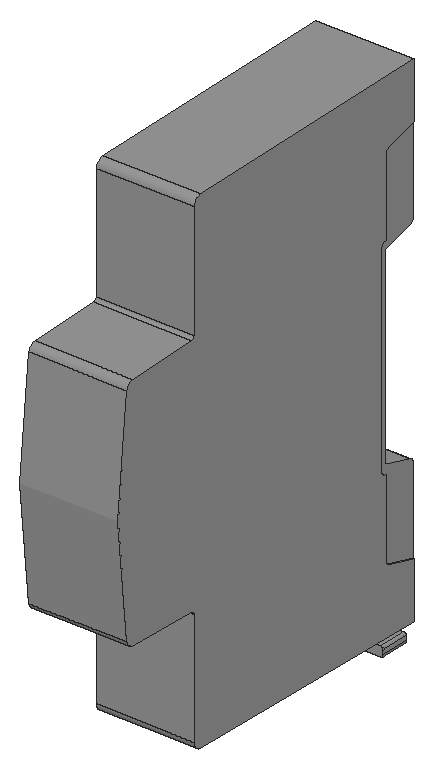
Revit family "BC_COMATEC_Alimentation-régulée-8500-2_LOD200", category Installations électriques, Revit 2017
Family settings
  Conserver l'orientation des annotations = Non
  Cote de connecteur circulaire = Utiliser le diamètre
  Type d'élément = Normal
  Numéro OmniClass = 23.80.00.00
  Titre OmniClass = Electric Power and Lighting
  Basée sur le plan de construction = Non
  Toujours verticalement = Oui
  Couper avec des vides une fois chargée = Non
  Partagée = Non
  Point de calcul de pièce = Non
Parameters (values of type "Alimentation régulée 8500/2")
  Valeur Haute de la Plage de Tempérarure = 50 °C
  Valeur Basse de la Plage de Température = -10 °C
  Type de protection = "Surcharge d'entrée. Surcharge de sortie. Surtension de sortie. Court-circuits. Surtempérature"
  Type de Charge = "Générique"
  Type d'Alimentation = "à découpage type Flyback"
  Tension nominale de sortie = 12 V
  Tension de sortie maximum  = "SELV"
  Tension AC max = 240 V
  Tension AC Min = 100 V
  Temps d'installation = 0.05 h
  Signalement LED  = yes
  Sensibilité électromagnétique - EN55024 = "conforme"
  Rendement = 0.8
  Refroidissement = "Statique"
  Puissance de sortie  = 12 W
  Profondeur Hors Tout = 93 mm
  Plage d'Humidité de Fonctionnement = "0 à 90 %"
  Ondulation max de sortie = 90
  Norme de Sécurité = "EN62368"
  Nombre de modules = 1
  Modèle = "Alimentation régulée 8500/2"
  Marque de Certification = "CE"
  Largeur Hors Tout = 17.5 mm
  Hauteur Hors Tout = 66 mm
  Fréquence minimale d'entrée  = 47 Hz
  Fréquence maximale d'entrée = 63 Hz
  Fabricant = "COMATEC"
  Emissions électromagnétiques - EN55032/B  = "conforme"
  Durée de Vie = 100000.0 h
  Directives RoHS - Dir. 2009/125/ECDir. 2011/65/EU Dir. 2015/863 EN50581 = "conforme"
  Directives ErP - Dir. 2011/65/EU Dir. 2015/863 EN50581 = "conforme"
  Description = "Alimentation éléctrique"
  Cycle d'utilisation = "Permanent"
  Courant à vide en entrée = 0.005
  Courant nominal en sortie = 1 A
  Courant d'absorption max en entrée = 0.28 A
  Courant d'Appel = 3 A
  Correction du facteur de puissance = no
  Consommation = 0.3 W
  Compatibilité électromagnétique - EN61000-3-2(3) = "conforme"
  Commentaires du type = "Rail-Din pour tableaux domotique"
  Code Produit = "8500/2RC"
  Classe d'isolation électrique = "Classe II"
  Altitude de Fonctionnement = 2000000 mm
Reference planes
  plane 1 "Centre (avant/arrière)": y = 0
  plane 2: z = 0
  plane 3 "Centre (gauche/droite)": x = 0
Forms (mm)
  Extrusion 1, solid, material "Plastique ABS"
    sketch origin (0, 0, 46.5) x (0, -1, 0) y (0, 0, -1)
      loop
        line (49.026, 92.144) -> (0, 93) -> (0, 82.5) -> (5.757, 80.957)
        arc (5.757, 80.957) -> (6.292, 80.6) -> (6.499, 79.991) r 1
        line (6.499, 79.991) -> (6.499, 65.86)
        arc (6.499, 65.86) -> (7.206, 65.561) -> (7.499, 64.851) r 1.009
        line (7.499, 64.851) -> (7.499, 28.149)
        arc (7.499, 28.149) -> (7.206, 27.439) -> (6.499, 27.14) r 1.009
        line (6.499, 27.14) -> (6.499, 13.009)
        arc (6.499, 13.009) -> (6.292, 12.4) -> (5.757, 12.043) r 1
        line (5.757, 12.043) -> (0, 10.5) -> (0, 0) -> (49.026, 0.856)
        arc (49.026, 0.856) -> (50.07, 1.304) -> (50.5, 2.356) r 1.5
        line (50.5, 2.356) -> (50.5, 23.487)
        arc (50.5, 23.487) -> (50.668, 23.904) -> (51.079, 24.087) r 0.6
        line (51.079, 24.087) -> (64.608, 24.559)
        arc (64.608, 24.559) -> (65.52, 24.91) -> (66.023, 25.747) r 1.5
        arc (66.023, 25.747) -> (68.2, 46.5) -> (66.023, 67.253) r 100
        arc (66.023, 67.253) -> (65.52, 68.09) -> (64.608, 68.441) r 1.5
        line (64.608, 68.441) -> (51.079, 68.913)
        arc (51.079, 68.913) -> (50.668, 69.096) -> (50.5, 69.513) r 0.6
        line (50.5, 69.513) -> (50.5, 90.644)
        arc (50.5, 90.644) -> (50.07, 91.696) -> (49.026, 92.144) r 1.5
    from -9 to 9
  Extrusion 2, solid, material "Aluminium"
    sketch origin (0, 0, 46.5) x (0, -1, 0) y (0, 0, -1)
      loop
        arc (6.055, 64.333) -> (6.376, 64.119) -> (6.5, 63.754) r 0.6
        line (6.5, 63.754) -> (6.5, 29.246)
        arc (6.5, 29.246) -> (6.376, 28.881) -> (6.055, 28.666) r 0.6
        line (6.055, 28.666) -> (0.741, 27.243)
        arc (0.741, 27.243) -> (0.207, 26.885) -> (0, 26.277) r 1
        line (0, 26.277) -> (0, 10.5) -> (5.757, 12.043)
        arc (5.757, 12.043) -> (6.292, 12.4) -> (6.499, 13.009) r 1
        line (6.499, 13.009) -> (6.499, 27.14)
        arc (6.499, 27.14) -> (7.206, 27.439) -> (7.499, 28.149) r 1.009
        line (7.499, 28.149) -> (7.499, 64.851)
        arc (7.499, 64.851) -> (7.206, 65.561) -> (6.499, 65.86) r 1.009
        line (6.499, 65.86) -> (6.499, 79.991)
        arc (6.499, 79.991) -> (6.292, 80.6) -> (5.757, 80.957) r 1
        line (5.757, 80.957) -> (0, 82.5) -> (0, 66.723)
        arc (0, 66.723) -> (0.207, 66.114) -> (0.741, 65.757) r 1
        line (0.741, 65.757) -> (6.055, 64.333)
    from -8.8 to 8.8
  Extrusion 3, solid, material "Plastique ABS"
    sketch origin (0, 0, 46.5) x (1, 0, 0) y (0, 0, -1)
      loop
        arc (-7.12, 97.082) -> (-7.473, 96.936) -> (-7.62, 96.582) r 0.5
        line (-7.62, 96.582) -> (-7.62, 95.749)
        arc (-7.62, 95.749) -> (-7.475, 95.391) -> (-7.12, 95.243) r 0.5
        line (-7.12, 95.243) -> (-6.32, 95.243)
        arc (-6.32, 95.243) -> (-5.966, 95.096) -> (-5.82, 94.743) r 0.5
        line (-5.82, 94.743) -> (-5.82, 92.894) -> (-4.155, 92.894) -> (-4.155, 94.943)
        arc (-4.155, 94.943) -> (-4.009, 95.296) -> (-3.655, 95.443) r 0.5
        line (-3.655, 95.443) -> (3.655, 95.443)
        arc (3.655, 95.443) -> (4.009, 95.296) -> (4.155, 94.943) r 0.5
        line (4.155, 94.943) -> (4.155, 92.894) -> (5.82, 92.894) -> (5.82, 94.743)
        arc (5.82, 94.743) -> (5.966, 95.096) -> (6.32, 95.243) r 0.5
        line (6.32, 95.243) -> (7.12, 95.243)
        arc (7.12, 95.243) -> (7.475, 95.391) -> (7.62, 95.749) r 0.5
        line (7.62, 95.749) -> (7.62, 96.582)
        arc (7.62, 96.582) -> (7.473, 96.936) -> (7.12, 97.082) r 0.5
        line (7.12, 97.082) -> (-7.12, 97.082)
    from 0 to -5.303
  Extrusion 4, solid, not visible
    sketch origin (0, -49.028, -45.644) x (0, 0.999848, -0.017452) y (1, 0, 0)
      loop
        circle (11.218, -1.816) r 1
      loop
        circle (11.195, 3.184) r 1
    from 0 to -1
  Extrusion 5, solid, not visible
    sketch origin (0, -49.028, 45.644) x (0, 0.999848, 0.017452) y (-1, 0, 0)
      loop
        circle (12.829, 1.816) r 1
      loop
        circle (12.829, -3.184) r 1
    from 0 to -1
Lines and regions (mm)
  model lines
    curve 1: line (-5.509, -50.5, 25.74) -> (5.491, -50.5, 25.74)
    curve 2: arc (-5.509, -50.5, 25.74) -> (-6.216, -50.5, 26.033) -> (-6.509, -50.5, 26.74) r 1
    curve 3: line (-6.509, -50.5, 30.24) -> (-6.509, -50.5, 26.74)
    curve 4: arc (-6.509, -50.5, 30.24) -> (-6.216, -50.5, 30.947) -> (-5.509, -50.5, 31.24) r 1
    curve 5: line (5.491, -50.5, 31.24) -> (-5.509, -50.5, 31.24)
    curve 6: arc (5.491, -50.5, 31.24) -> (6.198, -50.5, 30.947) -> (6.491, -50.5, 30.24) r 1
    curve 7: line (6.491, -50.5, 26.74) -> (6.491, -50.5, 30.24)
    curve 8: arc (6.491, -50.5, 26.74) -> (6.198, -50.5, 26.033) -> (5.491, -50.5, 25.74) r 1
    curve 9: line (-5.509, -50.5, -31.26) -> (5.491, -50.5, -31.26)
    curve 10: arc (6.491, -50.5, -30.26) -> (6.198, -50.5, -30.967) -> (5.491, -50.5, -31.26) r 1
    curve 11: arc (-5.509, -50.5, -31.26) -> (-6.216, -50.5, -30.967) -> (-6.509, -50.5, -30.26) r 1
    curve 12: line (-6.509, -50.5, -26.76) -> (-6.509, -50.5, -30.26)
    curve 13: arc (-6.509, -50.5, -26.76) -> (-6.216, -50.5, -26.053) -> (-5.509, -50.5, -25.76) r 1
    curve 14: line (6.491, -50.5, -30.26) -> (6.491, -50.5, -26.76)
    curve 15: arc (5.491, -50.5, -25.76) -> (6.198, -50.5, -26.053) -> (6.491, -50.5, -26.76) r 1
    curve 16: line (5.491, -50.5, -25.76) -> (-5.509, -50.5, -25.76)
    curve 17: line (-5.8, -39.888, 45.804) -> (5.8, -39.888, 45.804)
    curve 18: spline (5.8, -39.888, 45.804) -> (5.891, -39.882, 45.804) -> (5.981, -39.864, 45.804) -> (6.068, -39.835, 45.805) -> (6.15, -39.794, 45.805) -> (6.226, -39.743, 45.806) -> (6.295, -39.683, 45.807) -> (6.355, -39.614, 45.809) -> (6.406, -39.538, 45.81) -> (6.447, -39.456, 45.811) -> (6.476, -39.369, 45.813) -> (6.494, -39.279, 45.814) -> (6.5, -39.188, 45.816)
    curve 19: line (6.5, -39.188, 45.816) -> (6.5, -34.19, 45.903)
    curve 20: spline (6.5, -34.19, 45.903) -> (6.494, -34.098, 45.905) -> (6.476, -34.008, 45.906) -> (6.447, -33.922, 45.908) -> (6.406, -33.84, 45.909) -> (6.355, -33.764, 45.911) -> (6.295, -33.695, 45.912) -> (6.226, -33.634, 45.913) -> (6.15, -33.584, 45.914) -> (6.068, -33.543, 45.915) -> (5.981, -33.514, 45.915) -> (5.891, -33.496, 45.915) -> (5.8, -33.49, 45.915)
    curve 21: line (5.8, -33.49, 45.915) -> (-5.8, -33.49, 45.915)
    curve 22: spline (-5.8, -33.49, 45.915) -> (-5.891, -33.496, 45.915) -> (-5.981, -33.514, 45.915) -> (-6.068, -33.543, 45.915) -> (-6.15, -33.584, 45.914) -> (-6.226, -33.634, 45.913) -> (-6.295, -33.695, 45.912) -> (-6.355, -33.764, 45.911) -> (-6.406, -33.84, 45.909) -> (-6.447, -33.922, 45.908) -> (-6.476, -34.008, 45.906) -> (-6.494, -34.098, 45.905) -> (-6.5, -34.19, 45.903)
    curve 23: line (-6.5, -34.19, 45.903) -> (-6.5, -39.188, 45.816)
    curve 24: spline (-6.5, -39.188, 45.816) -> (-6.494, -39.279, 45.814) -> (-6.476, -39.369, 45.813) -> (-6.447, -39.456, 45.811) -> (-6.406, -39.538, 45.81) -> (-6.355, -39.614, 45.809) -> (-6.295, -39.683, 45.807) -> (-6.226, -39.743, 45.806) -> (-6.15, -39.794, 45.805) -> (-6.068, -39.835, 45.805) -> (-5.981, -39.864, 45.804) -> (-5.891, -39.882, 45.804) -> (-5.8, -39.888, 45.804)
    curve 25: spline (5.5, -39.388, 45.812) -> (5.565, -39.384, 45.813) -> (5.629, -39.371, 45.813) -> (5.691, -39.35, 45.813) -> (5.75, -39.321, 45.814) -> (5.804, -39.285, 45.814) -> (5.854, -39.242, 45.815) -> (5.897, -39.192, 45.816) -> (5.933, -39.138, 45.817) -> (5.962, -39.079, 45.818) -> (5.983, -39.018, 45.819) -> (5.996, -38.953, 45.82) -> (6, -38.888, 45.821)
    curve 26: line (-5.5, -39.388, 45.812) -> (5.5, -39.388, 45.812)
    curve 27: line (6, -38.888, 45.821) -> (6, -34.489, 45.898)
    curve 28: spline (5.5, -33.99, 45.907) -> (5.565, -33.994, 45.907) -> (5.629, -34.007, 45.906) -> (5.691, -34.028, 45.906) -> (5.75, -34.057, 45.906) -> (5.804, -34.093, 45.905) -> (5.854, -34.136, 45.904) -> (5.897, -34.185, 45.903) -> (5.933, -34.24, 45.902) -> (5.962, -34.298, 45.901) -> (5.983, -34.36, 45.9) -> (5.996, -34.424, 45.899) -> (6, -34.489, 45.898)
    curve 29: line (-5.5, -33.99, 45.907) -> (5.5, -33.99, 45.907)
    curve 30: spline (-5.5, -39.388, 45.812) -> (-5.565, -39.384, 45.813) -> (-5.629, -39.371, 45.813) -> (-5.691, -39.35, 45.813) -> (-5.75, -39.321, 45.814) -> (-5.804, -39.285, 45.814) -> (-5.854, -39.242, 45.815) -> (-5.897, -39.192, 45.816) -> (-5.933, -39.138, 45.817) -> (-5.962, -39.079, 45.818) -> (-5.983, -39.018, 45.819) -> (-5.996, -38.953, 45.82) -> (-6, -38.888, 45.821)
    curve 31: line (-6, -34.489, 45.898) -> (-6, -38.888, 45.821)
    curve 32: spline (-5.5, -33.99, 45.907) -> (-5.565, -33.994, 45.907) -> (-5.629, -34.007, 45.906) -> (-5.691, -34.028, 45.906) -> (-5.75, -34.057, 45.906) -> (-5.804, -34.093, 45.905) -> (-5.854, -34.136, 45.904) -> (-5.897, -34.185, 45.903) -> (-5.933, -34.24, 45.902) -> (-5.962, -34.298, 45.901) -> (-5.983, -34.36, 45.9) -> (-5.996, -34.424, 45.899) -> (-6, -34.489, 45.898)
    curve 33: line (-3.166, -37.85, 45.839) -> (-3.166, -34.551, 45.897)
    curve 34: line (-3.166, -37.85, 45.839) -> (-0.466, -37.85, 45.839)
    curve 35: line (-0.466, -34.551, 45.897) -> (-0.466, -37.85, 45.839)
    curve 36: line (-3.166, -34.551, 45.897) -> (-0.466, -34.551, 45.897)
    curve 37: line (1.834, -37.85, 45.839) -> (1.834, -34.551, 45.897)
    curve 38: line (1.834, -37.85, 45.839) -> (4.534, -37.85, 45.839)
    curve 39: line (4.534, -34.551, 45.897) -> (4.534, -37.85, 45.839)
    curve 40: line (1.834, -34.551, 45.897) -> (4.534, -34.551, 45.897)
    curve 41: spline (-6.5, -40.811, -45.788) -> (-6.494, -40.902, -45.786) -> (-6.476, -40.992, -45.784) -> (-6.447, -41.079, -45.783) -> (-6.406, -41.161, -45.782) -> (-6.355, -41.237, -45.78) -> (-6.295, -41.306, -45.779) -> (-6.226, -41.366, -45.778) -> (-6.15, -41.417, -45.777) -> (-6.068, -41.457, -45.776) -> (-5.981, -41.487, -45.776) -> (-5.891, -41.505, -45.776) -> (-5.8, -41.511, -45.775)
    curve 42: line (-6.5, -35.812, -45.875) -> (-6.5, -40.811, -45.788)
    curve 43: spline (-5.8, -35.113, -45.887) -> (-5.891, -35.119, -45.887) -> (-5.981, -35.136, -45.887) -> (-6.068, -35.166, -45.886) -> (-6.15, -35.206, -45.885) -> (-6.226, -35.257, -45.885) -> (-6.295, -35.318, -45.884) -> (-6.355, -35.386, -45.882) -> (-6.406, -35.463, -45.881) -> (-6.447, -35.545, -45.88) -> (-6.476, -35.631, -45.878) -> (-6.494, -35.721, -45.876) -> (-6.5, -35.812, -45.875)
    curve 44: line (5.8, -35.113, -45.887) -> (-5.8, -35.113, -45.887)
    curve 45: spline (6.5, -35.812, -45.875) -> (6.494, -35.721, -45.876) -> (6.476, -35.631, -45.878) -> (6.447, -35.545, -45.88) -> (6.406, -35.463, -45.881) -> (6.355, -35.386, -45.882) -> (6.295, -35.318, -45.884) -> (6.226, -35.257, -45.885) -> (6.15, -35.206, -45.885) -> (6.068, -35.166, -45.886) -> (5.981, -35.136, -45.887) -> (5.891, -35.119, -45.887) -> (5.8, -35.113, -45.887)
    curve 46: line (6.5, -40.811, -45.788) -> (6.5, -35.812, -45.875)
    curve 47: spline (5.8, -41.511, -45.775) -> (5.891, -41.505, -45.776) -> (5.981, -41.487, -45.776) -> (6.068, -41.457, -45.776) -> (6.15, -41.417, -45.777) -> (6.226, -41.366, -45.778) -> (6.295, -41.306, -45.779) -> (6.355, -41.237, -45.78) -> (6.406, -41.161, -45.782) -> (6.447, -41.079, -45.783) -> (6.476, -40.992, -45.784) -> (6.494, -40.902, -45.786) -> (6.5, -40.811, -45.788)
    curve 48: line (-5.8, -41.511, -45.775) -> (5.8, -41.511, -45.775)
    curve 49: spline (-5.5, -41.011, -45.784) -> (-5.565, -41.007, -45.784) -> (-5.629, -40.994, -45.784) -> (-5.691, -40.973, -45.785) -> (-5.75, -40.944, -45.785) -> (-5.804, -40.908, -45.786) -> (-5.854, -40.864, -45.787) -> (-5.897, -40.815, -45.788) -> (-5.933, -40.761, -45.789) -> (-5.962, -40.702, -45.79) -> (-5.983, -40.64, -45.791) -> (-5.996, -40.576, -45.792) -> (-6, -40.511, -45.793)
    curve 50: line (-6, -36.112, -45.87) -> (-6, -40.511, -45.793)
    curve 51: spline (-5.5, -35.612, -45.878) -> (-5.565, -35.617, -45.878) -> (-5.629, -35.63, -45.878) -> (-5.691, -35.651, -45.878) -> (-5.75, -35.679, -45.877) -> (-5.804, -35.716, -45.877) -> (-5.854, -35.759, -45.876) -> (-5.897, -35.808, -45.875) -> (-5.933, -35.862, -45.874) -> (-5.962, -35.921, -45.873) -> (-5.983, -35.983, -45.872) -> (-5.996, -36.047, -45.871) -> (-6, -36.112, -45.87)
    curve 52: line (-5.5, -35.612, -45.878) -> (5.5, -35.612, -45.878)
    curve 53: spline (5.5, -35.612, -45.878) -> (5.565, -35.617, -45.878) -> (5.629, -35.63, -45.878) -> (5.691, -35.651, -45.878) -> (5.75, -35.679, -45.877) -> (5.804, -35.716, -45.877) -> (5.854, -35.759, -45.876) -> (5.897, -35.808, -45.875) -> (5.933, -35.862, -45.874) -> (5.962, -35.921, -45.873) -> (5.983, -35.983, -45.872) -> (5.996, -36.047, -45.871) -> (6, -36.112, -45.87)
    curve 54: line (6, -40.511, -45.793) -> (6, -36.112, -45.87)
    curve 55: spline (5.5, -41.011, -45.784) -> (5.565, -41.007, -45.784) -> (5.629, -40.994, -45.784) -> (5.691, -40.973, -45.785) -> (5.75, -40.944, -45.785) -> (5.804, -40.908, -45.786) -> (5.854, -40.864, -45.787) -> (5.897, -40.815, -45.788) -> (5.933, -40.761, -45.789) -> (5.962, -40.702, -45.79) -> (5.983, -40.64, -45.791) -> (5.996, -40.576, -45.792) -> (6, -40.511, -45.793)
    curve 56: line (-5.5, -41.011, -45.784) -> (5.5, -41.011, -45.784)
    curve 57: line (-3.166, -39.472, -45.811) -> (-0.466, -39.472, -45.811)
    curve 58: line (-3.166, -39.472, -45.811) -> (-3.166, -36.173, -45.869)
    curve 59: line (-3.166, -36.173, -45.869) -> (-0.466, -36.173, -45.869)
    curve 60: line (-0.466, -36.173, -45.869) -> (-0.466, -39.472, -45.811)
    curve 61: line (1.834, -39.472, -45.811) -> (1.834, -36.173, -45.869)
    curve 62: line (1.834, -39.472, -45.811) -> (4.534, -39.472, -45.811)
    curve 63: line (4.534, -36.173, -45.869) -> (4.534, -39.472, -45.811)
    curve 64: line (1.834, -36.173, -45.869) -> (4.534, -36.173, -45.869)
    curve 65: line (-3.364, -50.5, 30.264) -> (-3.364, -50.5, 26.711)
    curve 66: line (-5.141, -50.5, 28.487) -> (-1.588, -50.5, 28.487)
    curve 67: line (1.474, -50.5, 28.487) -> (5.027, -50.5, 28.487)
    curve 68: line (-3.636, -50.5, -26.744) -> (-3.636, -50.5, -29.872)
    curve 69: line (-1.367, -50.5, -29.872) -> (-3.636, -50.5, -29.872)
    curve 70: line (1.598, -50.5, -30.197) -> (1.598, -50.5, -26.697)
    curve 71: line (4.524, -50.5, -26.707) -> (4.524, -50.5, -30.197)
    curve 72: line (1.598, -50.5, -26.697) -> (4.524, -50.5, -30.197)
    curve 73: arc (-3.5, -50.5, 41.705) -> (-6.5, -50.5, 38.705) -> (-3.5, -50.5, 35.705) r 3
    curve 74: arc (3.5, -50.5, 35.705) -> (6.5, -50.5, 38.705) -> (3.5, -50.5, 41.705) r 3
    curve 75: line (-3.5, -50.5, 35.705) -> (3.5, -50.5, 35.705)
    curve 76: line (-3.5, -50.5, 41.705) -> (3.5, -50.5, 41.705)
    curve 77: circle (-1.816, -50.5, 38.705) r 1.95 normal (0, 1, 0)
    curve 78: arc (-3.5, -50.5, 41.205) -> (-6, -50.5, 38.705) -> (-3.5, -50.5, 36.205) r 2.5
    curve 79: arc (-2.3, -50.5, 41.205) -> (-4.8, -50.5, 38.705) -> (-2.3, -50.5, 36.205) r 2.5
    curve 80: arc (3.5, -50.5, 36.205) -> (6, -50.5, 38.705) -> (3.5, -50.5, 41.205) r 2.5
    curve 81: line (3.5, -50.5, 36.205) -> (-3.5, -50.5, 36.205)
    curve 82: line (3.5, -50.5, 41.205) -> (-3.5, -50.5, 41.205)
    curve 83: arc (-3.5, -50.5, -41.705) -> (-6.5, -50.5, -38.705) -> (-3.5, -50.5, -35.705) r 3
    curve 84: arc (3.5, -50.5, -35.705) -> (6.5, -50.5, -38.705) -> (3.5, -50.5, -41.705) r 3
    curve 85: line (-3.5, -50.5, -35.705) -> (3.5, -50.5, -35.705)
    curve 86: line (-3.5, -50.5, -41.705) -> (3.5, -50.5, -41.705)
    curve 87: arc (-3.5, -50.5, -41.205) -> (-6, -50.5, -38.705) -> (-3.5, -50.5, -36.205) r 2.5
    curve 88: arc (-2.3, -50.5, -41.205) -> (-4.8, -50.5, -38.705) -> (-2.3, -50.5, -36.205) r 2.5
    curve 89: arc (3.5, -50.5, -36.205) -> (6, -50.5, -38.705) -> (3.5, -50.5, -41.205) r 2.5
    curve 90: line (3.5, -50.5, -36.205) -> (-3.5, -50.5, -36.205)
    curve 91: line (3.5, -50.5, -41.205) -> (-3.5, -50.5, -41.205)
    curve 92: line (-2.424, -50.5, 36.852) -> (-1.669, -50.5, 38.158)
    curve 93: line (-1.208, -50.5, 40.558) -> (-1.962, -50.5, 39.251)
    curve 94: line (-3.669, -50.5, 39.313) -> (-2.362, -50.5, 38.558)
    curve 95: line (0.037, -50.5, 38.097) -> (-1.269, -50.5, 38.851)
    curve 96: line (-2.362, -50.5, 38.558) -> (-3.117, -50.5, 37.252)
    curve 97: line (-1.269, -50.5, 38.851) -> (-0.515, -50.5, 40.158)
    curve 98: line (-1.669, -50.5, 38.158) -> (-0.363, -50.5, 37.404)
    curve 99: line (-1.962, -50.5, 39.251) -> (-3.269, -50.5, 40.005)
    curve 100: circle (3.184, -50.5, 38.705) r 1.95 normal (0, 1, 0)
    curve 101: line (2.576, -50.5, 36.852) -> (3.331, -50.5, 38.158)
    curve 102: line (3.792, -50.5, 40.558) -> (3.038, -50.5, 39.251)
    curve 103: line (1.331, -50.5, 39.313) -> (2.638, -50.5, 38.558)
    curve 104: line (5.037, -50.5, 38.097) -> (3.731, -50.5, 38.851)
    curve 105: line (2.638, -50.5, 38.558) -> (1.883, -50.5, 37.252)
    curve 106: line (3.731, -50.5, 38.851) -> (4.485, -50.5, 40.158)
    curve 107: line (3.331, -50.5, 38.158) -> (4.637, -50.5, 37.404)
    curve 108: line (3.038, -50.5, 39.251) -> (1.731, -50.5, 40.005)
    curve 109: circle (3.184, -50.5, -38.705) r 1.95 normal (0, 1, 0)
    curve 110: line (1.883, -50.5, -37.252) -> (2.638, -50.5, -38.558)
    curve 111: line (1.731, -50.5, -40.005) -> (3.038, -50.5, -39.251)
    curve 112: line (4.637, -50.5, -37.404) -> (3.331, -50.5, -38.158)
    curve 113: line (3.038, -50.5, -39.251) -> (3.792, -50.5, -40.557)
    curve 114: line (3.331, -50.5, -38.158) -> (2.576, -50.5, -36.852)
    curve 115: line (3.731, -50.5, -38.851) -> (5.037, -50.5, -38.097)
    curve 116: line (2.638, -50.5, -38.558) -> (1.331, -50.5, -39.312)
    curve 117: line (4.485, -50.5, -40.157) -> (3.731, -50.5, -38.851)
    curve 118: circle (-1.816, -50.5, -38.705) r 1.95 normal (0, 1, 0)
    curve 119: line (-3.117, -50.5, -37.252) -> (-2.362, -50.5, -38.558)
    curve 120: line (-3.269, -50.5, -40.005) -> (-1.962, -50.5, -39.251)
    curve 121: line (-0.363, -50.5, -37.404) -> (-1.669, -50.5, -38.158)
    curve 122: line (-1.962, -50.5, -39.251) -> (-1.208, -50.5, -40.557)
    curve 123: line (-1.669, -50.5, -38.158) -> (-2.424, -50.5, -36.852)
    curve 124: line (-1.269, -50.5, -38.851) -> (0.037, -50.5, -38.097)
    curve 125: line (-2.362, -50.5, -38.558) -> (-3.669, -50.5, -39.312)
    curve 126: line (-0.515, -50.5, -40.157) -> (-1.269, -50.5, -38.851)
Dimensions and locks
  aligned and locked: level to plane 2
Connectors
  electrical at (-1.816, -37.811, -45.84)
    settings: on Extrusion 4, index 2, voltage 0 V, apparent load 0 VA, apparent load phase1 0 VA, apparent load phase2 0 VA, apparent load phase3 0 VA, power factor 1, load classification "Autre", number of poles 1, system type 31, power factor state 1, is connector primary yes, connector utility no, sub classification motor no, connector description "Input"
  electrical at (-1.816, -36.2, 45.868)
    settings: on Extrusion 5, index 4, voltage 0 V, apparent load 0 VA, apparent load phase1 0 VA, apparent load phase2 0 VA, apparent load phase3 0 VA, power factor 1, load classification "Autre", number of poles 1, system type 31, power factor state 1, is connector primary no, connector utility no, sub classification motor no, connector description "Output"
